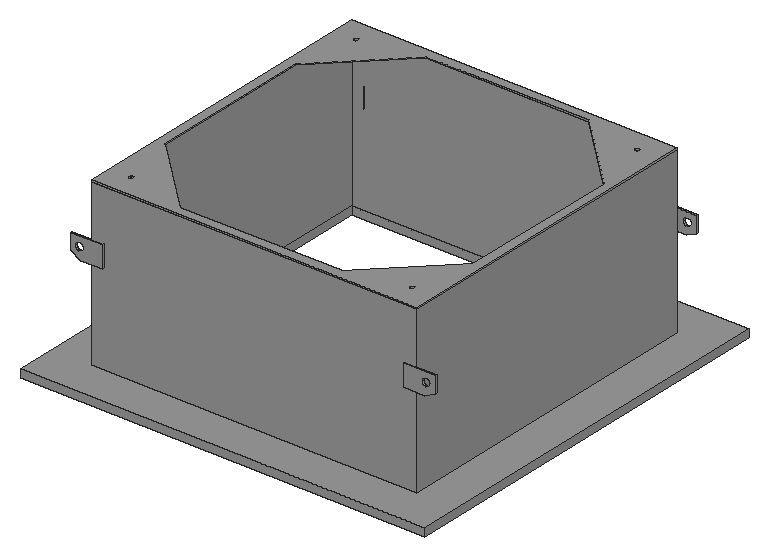
Revit family "РКВ_І 630_1100_Eng", category Duct Accessories, Revit 2021
Family settings
  Round Connector Dimension = Use Diameter
  Part Type = Attaches To
  Work Plane-Based = No
  Always vertical = Yes
  Cut with Voids When Loaded = No
  Shared = No
Parameters (values of type "RKV 900")
  Chamfer = Ln / 4  # 304.25 mm
  Width = B  # 1512 mm
  Weight = 85.70 kg
  Load Classification = "HVAC"
  Length = B  # 1512 mm
  Height = H  # 650 mm
  Default Elevation = 0 mm
  Description = ""
  Manufacturer = "Vents"  # constant formula
  URL = "https://ventilation-system.com/series/rkv"
  L2 = Ln / 2  # 608.5 mm
  H = 650 mm
  B2 = L / 2 - 43 mm  # 563 mm
  Maintenance zone material = none
  L = 1212 mm
  Ln = L + 5 mm  # 1217 mm
  Casing Material = Metal, painted, blue, matte RAL 5007
  B1 = 1152 mm
  L1 = 1050 mm
  B = 1512 mm
  09_System_Name [instance] = ""
  00_20_Type = "RKV 900"
  00_20_Name = "Mounting frame"  # constant formula
  00_20_Manufacturer = "Vents"  # constant formula
Types (13, lengths in mm): name | Chamfer | Width | Weight | Length | Height | Description | URL | L2 | H | B2 | L | Ln | B1 | L1 | B | 00_20_Type
  (no name) | 304.25 | 1512 | 85.70 kg | 1512 | 650 | "" | "https://ventilation-system.com/series/rkv" | 608.5 | 650 | 563 | 1212 | 1217 | 1152 | 1050 | 1512 | "RKV 900"
  RKV 630 | 229.25 | 1212 | 65.90 kg | 1212 | 600 | "" | "https://ventilation-system.com/series/rkv" | 458.5 | 600 | 413 | 912 | 917 | 852 | 750 | 1212 | "RKV 630"
  RKV 710 | 241.75 | 1262 | 68.50 kg | 1262 | 600 | "" | "https://ventilation-system.com/series/rkv" | 483.5 | 600 | 438 | 962 | 967 | 902 | 840 | 1262 | "RKV 710"
  RKV 900 | 304.25 | 1512 | 85.70 kg | 1512 | 650 | "" | "https://ventilation-system.com/series/rkv" | 608.5 | 650 | 563 | 1212 | 1217 | 1152 | 1050 | 1512 | "RKV 900"
  RKV 1000 | 354.25 | 1712 | 103.70 kg | 1712 | 730 | "" | "https://ventilation-system.com/series/rkv" | 708.5 | 730 | 663 | 1412 | 1417 | 1352 | 1240 | 1712 | "RKV 1000"
  RKV 1100 | 354.25 | 1712 | 103.70 kg | 1712 | 730 | "" | "https://ventilation-system.com/series/rkv" | 708.5 | 730 | 663 | 1412 | 1417 | 1352 | 1240 | 1712 | "RKV 1100"
  RKV 800 | 241.75 | 1262 | 68.50 kg | 1262 | 600 | "" | "https://ventilation-system.com/series/rkv" | 483.5 | 600 | 438 | 962 | 967 | 902 | 840 | 1262 | "RKV 800"
  RKVI 1000 | 354.25 | 1712 | 140.60 kg | 1712 | 730 | "Isolated" | "https://ventilation-system.com/series/rkvi" | 708.5 | 730 | 663 | 1412 | 1417 | 1350 | 1240 | 1712 | "RKVI 1000"
  RKVI 1100 | 354.25 | 1712 | 140.60 kg | 1712 | 730 | "Isolated" | "https://ventilation-system.com/series/rkvi" | 708.5 | 730 | 663 | 1412 | 1417 | 1350 | 1240 | 1712 | "RKVI 1100"
  RKVI 630 | 229.25 | 1212 | 85.50 kg | 1212 | 600 | "Isolated" | "https://ventilation-system.com/series/rkvi" | 458.5 | 600 | 413 | 912 | 917 | 850 | 750 | 1212 | "RKVI 630"
  RKVI 710 | 241.75 | 1262 | 89.00 kg | 1262 | 600 | "Isolated" | "https://ventilation-system.com/series/rkvi" | 483.5 | 600 | 438 | 962 | 967 | 900 | 840 | 1262 | "RKVI 710"
  RKVI 800 | 241.75 | 1262 | 89.00 kg | 1262 | 600 | "Isolated" | "https://ventilation-system.com/series/rkvi" | 483.5 | 600 | 438 | 962 | 967 | 900 | 840 | 1262 | "RKVI 800"
  RKVI 900 | 304.25 | 1512 | 113.00 kg | 1512 | 650 | "Isolated" | "https://ventilation-system.com/series/rkvi" | 608.5 | 650 | 563 | 1212 | 1217 | 1150 | 1050 | 1512 | "РКВІ 900"
Reference planes
  plane 1 "По центру (Вперед/Назад)": y = 0
  plane 2: z = 0
  plane 3 "По центру (Влево/Вправо)": x = 0
  plane 4: y = 525
  plane 5: y = -525
  plane 6: x = -525
  plane 7: x = 525
  plane 8: z = 650
Forms (mm)
  Extrusion 1, solid, material "Metal, painted, blue, matte RAL 5007" <- "Casing Material"
    sketch origin (0, 0, 0) x (1, 0, 0) y (0, 1, 0)
      loop
        line (-756, 756) -> (-756, -756) -> (756, -756) -> (756, 756) -> (-756, 756)
      loop
        line (-606, 606) -> (-606, -606) -> (606, -606) -> (606, 606) -> (-606, 606)
    from 0 to 30
  Extrusion 2, solid, material "Metal, painted, blue, matte RAL 5007" <- "Casing Material"
    sketch origin (0, 0, 0) x (1, 0, 0) y (0, 1, 0)
      loop
        line (-608.5, 608.5) -> (-608.5, -608.5) -> (608.5, -608.5) -> (608.5, 608.5) -> (-608.5, 608.5)
      loop
        line (-606, 606) -> (-606, -606) -> (606, -606) -> (606, 606) -> (-606, 606)
    from 30 to 645
  Extrusion 3, solid, material "Metal, painted, blue, matte RAL 5007" <- "Casing Material"
    sketch origin (0, 0, 0) x (1, 0, 0) y (0, 1, 0)
      loop
        line (-608.5, 608.5) -> (-608.5, -608.5) -> (608.5, -608.5) -> (608.5, 608.5) -> (-608.5, 608.5)
      loop
        line (-304.25, 576) -> (-576, 304.25) -> (-576, -304.25) -> (-304.25, -576) -> (304.25, -576) -> (576, -304.25) -> (576, 304.25) -> (304.25, 576) -> (-304.25, 576)
      loop
        circle (-525, 525) r 8
      loop
        circle (525, 525) r 8
      loop
        circle (525, -525) r 8
      loop
        circle (-525, -525) r 8
    from 645 to 650
Dimensions and locks
  equal spacing: Extrusion 1 sketch curve, plane 3 "По центру (Влево/Вправо)", Extrusion 1 sketch curve  (x2)
  "B": Extrusion 1 sketch curve to Extrusion 1 sketch curve  (x2)
  equal spacing: Extrusion 1 sketch curve, plane 1 "По центру (Вперед/Назад)", Extrusion 1 sketch curve  (x2)
  equal spacing: Extrusion 2 sketch curve, plane 3 "По центру (Влево/Вправо)", Extrusion 2 sketch curve  (x2)
  equal spacing: Extrusion 2 sketch curve, plane 1 "По центру (Вперед/Назад)", Extrusion 2 sketch curve  (x2)
  "Ln": Extrusion 2 sketch curve to Extrusion 2 sketch curve  (x2)
  "L": Extrusion 2 sketch curve to Extrusion 2 sketch curve  (x2)
  "L": Extrusion 1 sketch curve to Extrusion 1 sketch curve  (x2)
  equal spacing: Extrusion 3 sketch curve, plane 1 "По центру (Вперед/Назад)", Extrusion 3 sketch curve  (x2)
  "Ln": Extrusion 3 sketch curve to Extrusion 3 sketch curve  (x2)
  equal spacing: Extrusion 3 sketch curve, plane 3 "По центру (Влево/Вправо)", Extrusion 3 sketch curve  (x2)
  "Chamfer": Extrusion 3 sketch curve to Extrusion 3 sketch curve  (x8)
  equal spacing: plane 4, plane 1 "По центру (Вперед/Назад)", plane 5
  "L1": plane 4 to plane 5
  equal spacing: plane 6, plane 3 "По центру (Влево/Вправо)", plane 7
  "L1": plane 6 to plane 7
  "H": level to plane 8
  locked: Extrusion 3 to plane 8 at 5
  "B1": Extrusion 3 sketch curve to Extrusion 3 sketch curve  (x2)
  "B2": nested 4 to plane 3 "По центру (Влево/Вправо)"
  "B2": plane 3 "По центру (Влево/Вправо)" to nested 2
  "B2": nested 3 to plane 3 "По центру (Влево/Вправо)"
  "B2": plane 3 "По центру (Влево/Вправо)" to nested 1
  "L2": plane 1 "По центру (Вперед/Назад)" to nested 4
  "L2": nested 3 to plane 1 "По центру (Вперед/Назад)"
  "L2": plane 1 "По центру (Вперед/Назад)" to nested 2
  "L2": nested 1 to plane 1 "По центру (Вперед/Назад)"
  aligned and locked: level to plane 2
  aligned and locked: plane 8 to Extrusion 3
  aligned and locked: Extrusion 2 to Extrusion 3
Automatic sketch dimensions
  Extrusion 3 sketch curve to plane 5 = 0 mm  (x2)
  Extrusion 3 sketch curve to plane 6 = 0 mm  (x2)
  Extrusion 3 sketch curve to plane 4 = 0 mm  (x2)
  Extrusion 3 sketch curve to plane 7 = 0 mm  (x2)
  radius of Extrusion 3 sketch curve = 8 mm  (x4)
Nested families
  nested 1: "mounting ear" at (563, -608.5, 370), type "mounting ear"
  nested 2: "mounting ear" at (563, 608.5, 370), type "mounting ear"
  nested 3: "mounting ear" at (-563, -608.5, 370) x (-1, 0, 0) z (0, 0, 1), type "mounting ear"
  nested 4: "mounting ear" at (-563, 608.5, 370) x (-1, 0, 0) z (0, 0, 1), type "mounting ear"
Definition of nested family "mounting ear"
  Parameters (values of type "Монтажное ухо_1")
    Фаска = 229.25 mm
    Default Elevation = 0 mm
    Ln = 917 mm
    L1 = 750 mm
    Casing Material = none
    B1 = 852 mm
  Reference planes
    plane 1 "По центру (Вперед/Назад)": y = 0
    plane 2: z = 0
    plane 3 "По центру (Влево/Вправо)": x = 0
  Forms (mm)
    Extrusion 1, solid
      sketch origin (0, 0, 0) x (1, 0, 0) y (0, 0, 1)
        loop
          line (120, 80) -> (0, 80) -> (0, 0) -> (80, 0) -> (120, 20) -> (120, 80)
        loop
          circle (85, 45) r 15
      from 0 to 5
  Dimensions and locks
    aligned and locked: level to plane 2
